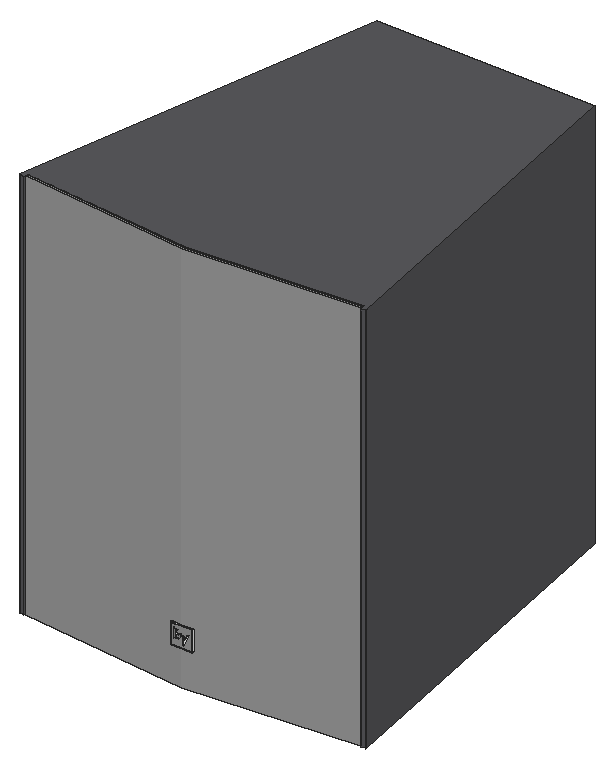
Revit family "EVF-2151D", category Communication Devices, Revit 2017 (continued)
Definition of nested family "InputPanelV"
  Lines and regions (mm)
    model lines
      curve 770: line (19.383, -4.337, 85.253) -> (19.187, -4.337, 84.443)
      curve 771: line (19.187, -4.337, 84.443) -> (19.384, -4.337, 83.634)
      curve 772: line (19.384, -4.337, 83.634) -> (19.943, -4.337, 82.948)
      curve 773: line (19.943, -4.337, 82.948) -> (20.774, -4.337, 82.493)
      curve 774: line (20.781, -4.337, 82.489) -> (21.769, -4.337, 82.205)
      curve 775: line (21.769, -4.337, 82.205) -> (21.769, -4.337, 81.513)
      curve 776: line (21.769, -4.337, 81.513) -> (21.77, -4.337, 79.396)
      curve 777: line (21.77, -4.337, 79.396) -> (15.545, -4.337, 79.397)
      curve 778: line (2.85, -4.337, 82.326) -> (3.839, -4.337, 82.487)
      curve 779: line (3.839, -4.337, 82.487) -> (4.676, -4.337, 82.946)
      curve 780: line (4.676, -4.337, 82.946) -> (5.236, -4.337, 83.632)
      curve 781: line (5.236, -4.337, 83.632) -> (5.432, -4.337, 84.441)
      curve 782: line (5.432, -4.337, 84.441) -> (5.236, -4.337, 85.251)
      curve 783: line (5.236, -4.337, 85.251) -> (4.676, -4.337, 85.937)
      curve 784: line (4.676, -4.337, 85.937) -> (3.838, -4.337, 86.395)
      curve 785: line (3.838, -4.337, 86.395) -> (2.85, -4.337, 86.556)
      curve 786: line (2.85, -4.337, 86.556) -> (1.862, -4.337, 86.395)
      curve 787: line (1.862, -4.337, 86.395) -> (1.024, -4.337, 85.937)
      curve 788: line (1.024, -4.337, 85.937) -> (0.465, -4.337, 85.25)
      curve 789: line (0.465, -4.337, 85.25) -> (0.268, -4.337, 84.441)
      curve 790: line (0.268, -4.337, 84.441) -> (0.465, -4.337, 83.631)
      curve 791: line (0.465, -4.337, 83.631) -> (1.025, -4.337, 82.945)
      curve 792: line (1.025, -4.337, 82.945) -> (1.855, -4.337, 82.491)
      curve 793: line (1.862, -4.337, 82.487) -> (2.85, -4.337, 82.203)
      curve 794: line (2.85, -4.337, 82.203) -> (2.851, -4.337, 81.512)
      curve 795: line (2.851, -4.337, 81.512) -> (2.851, -4.337, 79.394)
      curve 796: line (2.851, -4.337, 79.394) -> (-0.302, -4.337, 79.395)
      curve 797: line (-0.302, -4.337, 79.395) -> (-0.303, -4.337, 80.818)
      curve 798: line (-0.303, -4.337, 80.818) -> (-0.43, -4.337, 77.706)
      curve 799: line (-0.43, -4.337, 77.706) -> (-0.607, -4.337, 77.584)
      curve 800: line (-0.607, -4.337, 77.584) -> (-0.607, -4.337, 80.716)
      curve 801: line (-0.607, -4.337, 80.716) -> (-0.43, -4.337, 80.839)
      curve 802: line (15.463, -4.337, 82.328) -> (16.451, -4.337, 82.489)
      curve 803: line (16.451, -4.337, 82.489) -> (17.289, -4.337, 82.947)
      curve 804: line (17.289, -4.337, 82.947) -> (17.848, -4.337, 83.634)
      curve 805: line (17.848, -4.337, 83.634) -> (18.045, -4.337, 84.443)
      curve 806: line (18.045, -4.337, 84.443) -> (17.848, -4.337, 85.252)
      curve 807: line (17.848, -4.337, 85.252) -> (17.288, -4.337, 85.939)
      curve 808: line (17.288, -4.337, 85.939) -> (16.451, -4.337, 86.397)
      curve 809: line (16.451, -4.337, 86.397) -> (15.463, -4.337, 86.558)
      curve 810: line (15.463, -4.337, 86.558) -> (14.474, -4.337, 86.397)
      curve 811: line (14.474, -4.337, 86.397) -> (13.637, -4.337, 85.938)
      curve 812: line (13.637, -4.337, 85.938) -> (13.077, -4.337, 85.252)
      curve 813: line (13.077, -4.337, 85.252) -> (12.881, -4.337, 84.442)
      curve 814: line (12.881, -4.337, 84.442) -> (13.077, -4.337, 83.633)
      curve 815: line (13.077, -4.337, 83.633) -> (13.637, -4.337, 82.947)
      curve 816: line (13.637, -4.337, 82.947) -> (14.468, -4.337, 82.492)
      curve 817: line (14.475, -4.337, 82.488) -> (15.463, -4.337, 82.205)
      curve 818: line (15.463, -4.337, 82.205) -> (15.463, -4.337, 81.513)
      curve 819: line (15.463, -4.337, 81.513) -> (15.463, -4.337, 79.396)
      curve 820: line (15.463, -4.337, 79.396) -> (9.268, -4.337, 79.396)
      curve 821: line (24.922, -4.337, 85.257) -> (24.922, -4.337, 85.469)
      curve 822: line (24.922, -4.337, 85.469) -> (24.579, -4.337, 85.469)
      curve 823: line (24.441, -4.337, 85.39) -> (24.315, -4.337, 85.257)
      curve 824: line (24.315, -4.337, 85.257) -> (24.922, -4.337, 85.257)
      curve 825: line (24.922, -4.337, 85.257) -> (24.922, -4.337, 83.63)
      curve 826: line (24.922, -4.337, 83.63) -> (24.315, -4.337, 83.63)
      curve 827: line (18.008, -4.337, 83.63) -> (19.223, -4.337, 83.63)
      curve 828: line (11.703, -4.337, 83.629) -> (12.918, -4.337, 83.629)
      curve 829: line (5.395, -4.337, 83.628) -> (6.61, -4.337, 83.628)
      curve 830: line (-0.303, -4.337, 85.254) -> (-0.303, -4.337, 85.466)
      curve 831: line (-0.303, -4.337, 85.466) -> (0.063, -4.337, 85.466)
      curve 832: line (0.179, -4.337, 85.387) -> (0.305, -4.337, 85.254)
      curve 833: line (0.305, -4.337, 85.254) -> (-0.303, -4.337, 85.254)
      curve 834: line (-0.303, -4.337, 85.254) -> (-0.303, -4.337, 83.627)
      curve 835: line (-0.303, -4.337, 83.627) -> (0.305, -4.337, 83.627)
      curve 836: line (5.659, -4.337, 85.467) -> (6.337, -4.337, 85.464)
      curve 837: line (6.484, -4.337, 85.388) -> (6.61, -4.337, 85.255)
      curve 838: line (6.61, -4.337, 85.255) -> (5.395, -4.337, 85.255)
      curve 839: line (5.395, -4.337, 85.255) -> (5.521, -4.337, 85.388)
      curve 840: line (11.703, -4.337, 85.256) -> (12.917, -4.337, 85.256)
      curve 841: line (12.917, -4.337, 85.256) -> (12.791, -4.337, 85.389)
      curve 842: line (12.676, -4.337, 85.468) -> (11.966, -4.337, 85.468)
      curve 843: line (11.829, -4.337, 85.389) -> (11.703, -4.337, 85.256)
      curve 844: line (18.272, -4.337, 85.468) -> (18.95, -4.337, 85.465)
      curve 845: line (19.097, -4.337, 85.39) -> (19.223, -4.337, 85.257)
      curve 846: line (19.223, -4.337, 85.257) -> (18.008, -4.337, 85.257)
      curve 847: line (18.008, -4.337, 85.257) -> (18.134, -4.337, 85.39)
      curve 848: line (12.599, -4.337, 80.82) -> (12.599, -4.337, 82.937)
      curve 849: line (12.599, -4.337, 82.937) -> (12.022, -4.337, 82.937)
      curve 850: line (12.022, -4.337, 82.937) -> (12.022, -4.337, 80.82)
      curve 851: line (12.022, -4.337, 80.82) -> (12.599, -4.337, 80.82)
      curve 852: line (6.291, -4.337, 80.819) -> (5.715, -4.337, 80.819)
      curve 853: line (5.715, -4.337, 80.819) -> (5.715, -4.337, 82.936)
      curve 854: line (5.715, -4.337, 82.936) -> (6.291, -4.337, 82.936)
      curve 855: line (6.291, -4.337, 82.936) -> (6.291, -4.337, 80.819)
      curve 856: line (18.904, -4.337, 80.821) -> (18.328, -4.337, 80.821)
      curve 857: line (18.328, -4.337, 80.821) -> (18.327, -4.337, 82.938)
      curve 858: line (18.327, -4.337, 82.938) -> (18.904, -4.337, 82.938)
      curve 859: line (18.904, -4.337, 82.938) -> (18.904, -4.337, 80.821)
      curve 860: line (-0.303, -4.337, 82.936) -> (-0.303, -4.337, 80.818)
      curve 861: line (-0.303, -4.337, 80.818) -> (-0.014, -4.337, 80.818)
      curve 862: line (-0.014, -4.337, 80.818) -> (-0.014, -4.337, 82.936)
      curve 863: line (-0.014, -4.337, 82.936) -> (-0.303, -4.337, 82.936)
      curve 864: line (-0.303, -4.337, 82.936) -> (-0.303, -4.337, 83.627)
      curve 865: line (24.922, -4.337, 83.63) -> (24.922, -4.337, 82.939)
      curve 866: line (24.922, -4.337, 82.939) -> (24.635, -4.337, 82.939)
      curve 867: line (24.635, -4.337, 82.939) -> (24.635, -4.337, 80.821)
      curve 868: line (24.635, -4.337, 80.821) -> (24.923, -4.337, 80.821)
      curve 869: line (24.923, -4.337, 80.821) -> (24.922, -4.337, 82.939)
      curve 870: line (2.646, -4.337, 82.333) -> (4.834, -4.337, 84.126)
      curve 871: line (4.834, -4.337, 84.126) -> (5.167, -4.337, 83.635)
      curve 872: line (8.952, -4.337, 82.333) -> (11.141, -4.337, 84.127)
      curve 873: line (11.141, -4.337, 84.127) -> (11.473, -4.337, 83.636)
      curve 874: line (2.391, -4.337, 82.36) -> (4.343, -4.337, 83.959)
      curve 875: line (4.343, -4.337, 83.959) -> (4.343, -4.337, 84.529)
      curve 876: line (4.343, -4.337, 84.529) -> (1.855, -4.337, 82.491)
      curve 877: line (8.697, -4.337, 82.36) -> (10.649, -4.337, 83.96)
      curve 878: line (10.649, -4.337, 83.96) -> (10.649, -4.337, 84.529)
      curve 879: line (10.649, -4.337, 84.529) -> (8.162, -4.337, 82.491)
      curve 880: line (15.004, -4.337, 82.361) -> (16.955, -4.337, 83.961)
      curve 881: line (16.955, -4.337, 83.961) -> (16.955, -4.337, 84.53)
      curve 882: line (16.955, -4.337, 84.53) -> (14.468, -4.337, 82.492)
      curve 883: line (15.258, -4.337, 82.334) -> (17.447, -4.337, 84.128)
      curve 884: line (17.447, -4.337, 84.128) -> (17.779, -4.337, 83.637)
      curve 885: line (21.565, -4.337, 82.335) -> (23.753, -4.337, 84.128)
      curve 886: line (23.753, -4.337, 84.128) -> (24.086, -4.337, 83.637)
      curve 887: line (21.31, -4.337, 82.362) -> (23.262, -4.337, 83.961)
      curve 888: line (23.262, -4.337, 83.961) -> (23.262, -4.337, 84.531)
      curve 889: line (23.262, -4.337, 84.531) -> (20.774, -4.337, 82.493)
      curve 890: line (21.88, -4.337, 79.397) -> (24.923, -4.337, 79.398)
      curve 891: line (24.923, -4.337, 79.398) -> (24.924, -4.337, 73.974)
      curve 892: line (24.924, -4.337, 73.974) -> (-0.302, -4.337, 73.971)
      curve 893: line (-0.302, -4.337, 73.971) -> (-0.302, -4.337, 79.395)
      curve 894: line (24.923, -4.337, 80.821) -> (24.923, -4.337, 79.398)
      curve 895: line (24.924, -4.337, 73.974) -> (24.924, -4.337, 73.648)
      curve 896: line (24.924, -4.337, 73.648) -> (-0.302, -4.337, 73.645)
      curve 897: line (-0.302, -4.337, 73.645) -> (-0.302, -4.337, 73.971)
      curve 898: line (-0.302, -4.337, 73.971) -> (-0.429, -4.337, 73.842)
      curve 899: line (-0.429, -4.337, 73.842) -> (-0.607, -4.337, 73.72)
      curve 900: line (6.303, -4.337, 73.19) -> (11.814, -4.337, 73.191)
      curve 901: line (11.814, -4.337, 73.191) -> (11.815, -4.337, 68.976)
      curve 902: line (11.815, -4.337, 68.976) -> (6.303, -4.337, 68.975)
      curve 903: line (6.303, -4.337, 68.975) -> (6.303, -4.337, 73.19)
      curve 904: line (5.707, -4.337, 68.975) -> (0.195, -4.337, 68.974)
      curve 905: line (0.195, -4.337, 68.974) -> (0.195, -4.337, 73.19)
      curve 906: line (0.195, -4.337, 73.19) -> (5.707, -4.337, 73.19)
      curve 907: line (5.707, -4.337, 73.19) -> (5.707, -4.337, 68.975)
      curve 908: line (-0.302, -4.337, 73.645) -> (-0.301, -4.337, 68.519)
      curve 909: line (-0.301, -4.337, 68.519) -> (24.924, -4.337, 68.522)
      curve 910: line (24.924, -4.337, 68.522) -> (24.924, -4.337, 73.648)
      curve 911: line (18.915, -4.337, 73.192) -> (24.427, -4.337, 73.193)
      curve 912: line (24.427, -4.337, 73.193) -> (24.428, -4.337, 68.977)
      curve 913: line (24.428, -4.337, 68.977) -> (18.916, -4.337, 68.977)
      curve 914: line (18.916, -4.337, 68.977) -> (18.915, -4.337, 73.192)
      curve 915: line (18.32, -4.337, 68.977) -> (12.808, -4.337, 68.976)
      curve 916: line (12.808, -4.337, 68.976) -> (12.808, -4.337, 73.191)
      curve 917: line (12.808, -4.337, 73.191) -> (18.319, -4.337, 73.192)
      curve 918: line (18.319, -4.337, 73.192) -> (18.32, -4.337, 68.977)
      curve 919: line (20.082, -4.337, 73.192) -> (20.082, -4.337, 71.784)
      curve 920: line (20.082, -4.337, 71.784) -> (19.394, -4.337, 71.458)
      curve 921: line (19.394, -4.337, 71.458) -> (18.916, -4.337, 71.073)
      curve 922: line (7.47, -4.337, 73.19) -> (7.47, -4.337, 71.782)
      curve 923: line (7.47, -4.337, 71.782) -> (6.782, -4.337, 71.456)
      curve 924: line (6.782, -4.337, 71.456) -> (6.303, -4.337, 71.071)
      curve 925: line (17.152, -4.337, 73.192) -> (17.153, -4.337, 71.783)
      curve 926: line (17.153, -4.337, 71.783) -> (17.841, -4.337, 71.458)
      curve 927: line (17.841, -4.337, 71.458) -> (18.32, -4.337, 71.073)
      curve 928: line (4.54, -4.337, 73.19) -> (4.54, -4.337, 71.782)
      curve 929: line (4.54, -4.337, 71.782) -> (5.228, -4.337, 71.456)
      curve 930: line (5.228, -4.337, 71.456) -> (5.707, -4.337, 71.071)
      curve 931: line (1.163, -4.337, 73.19) -> (1.163, -4.337, 71.781)
      curve 932: line (1.163, -4.337, 71.781) -> (0.475, -4.337, 71.456)
      curve 933: line (0.475, -4.337, 71.456) -> (0.195, -4.337, 71.23)
      curve 934: line (13.776, -4.337, 73.191) -> (13.776, -4.337, 71.783)
      curve 935: line (13.776, -4.337, 71.783) -> (13.088, -4.337, 71.457)
      curve 936: line (13.088, -4.337, 71.457) -> (12.808, -4.337, 71.232)
      curve 937: line (10.846, -4.337, 73.191) -> (10.846, -4.337, 71.782)
      curve 938: line (10.846, -4.337, 71.782) -> (11.534, -4.337, 71.457)
      curve 939: line (11.815, -4.337, 71.232) -> (11.534, -4.337, 71.457)
      curve 940: line (11.534, -4.337, 71.457) -> (6.782, -4.337, 71.456)
      curve 941: line (23.459, -4.337, 73.192) -> (23.459, -4.337, 71.784)
      curve 942: line (23.459, -4.337, 71.784) -> (24.147, -4.337, 71.459)
      curve 943: line (24.147, -4.337, 71.459) -> (19.394, -4.337, 71.458)
      curve 944: line (24.427, -4.337, 71.233) -> (24.147, -4.337, 71.459)
      curve 945: line (4.54, -4.337, 71.782) -> (1.163, -4.337, 71.781)
      curve 946: line (17.153, -4.337, 71.783) -> (13.776, -4.337, 71.783)
      curve 947: line (7.47, -4.337, 71.782) -> (10.846, -4.337, 71.782)
      curve 948: line (20.082, -4.337, 71.784) -> (23.459, -4.337, 71.784)
      curve 949: line (-0.868, -4.337, 73.72) -> (-0.867, -4.337, 70.587)
      curve 950: line (-0.867, -4.337, 70.587) -> (-0.606, -4.337, 70.587)
      curve 951: line (-0.606, -4.337, 70.587) -> (-0.607, -4.337, 73.72)
      curve 952: line (-0.607, -4.337, 73.72) -> (-0.868, -4.337, 73.72)
      curve 953: line (-0.868, -4.337, 73.72) -> (-0.868, -4.337, 74.301)
      curve 954: line (-0.868, -4.337, 74.301) -> (-0.607, -4.337, 74.301)
      curve 955: line (-0.607, -4.337, 74.301) -> (-0.302, -4.337, 74.179)
      curve 956: line (-0.429, -4.337, 73.842) -> (-0.429, -4.337, 70.709)
      curve 957: line (-0.429, -4.337, 70.709) -> (-0.606, -4.337, 70.587)
      curve 958: line (5.707, -4.337, 70.073) -> (0.195, -4.337, 70.073)
      curve 959: line (18.32, -4.337, 70.075) -> (12.808, -4.337, 70.074)
      curve 960: line (11.815, -4.337, 70.074) -> (6.303, -4.337, 70.073)
      curve 961: line (24.427, -4.337, 70.076) -> (18.916, -4.337, 70.075)
      curve 962: line (5.228, -4.337, 71.456) -> (0.475, -4.337, 71.456)
      curve 963: line (17.841, -4.337, 71.458) -> (13.088, -4.337, 71.457)
      curve 964: line (-0.607, -4.337, 80.716) -> (-0.869, -4.337, 80.716)
      curve 965: line (-0.869, -4.337, 80.716) -> (-0.869, -4.337, 81.297)
      curve 966: line (-0.869, -4.337, 81.297) -> (-0.608, -4.337, 81.297)
      curve 967: line (-0.608, -4.337, 81.297) -> (-0.43, -4.337, 81.175)
      curve 968: line (-0.869, -4.337, 80.716) -> (-0.868, -4.337, 77.583)
      curve 969: line (-0.868, -4.337, 77.583) -> (-0.607, -4.337, 77.584)
      curve 970: line (15.462, -4.337, 91.808) -> (14.474, -4.337, 91.647)
      curve 971: line (14.474, -4.337, 91.647) -> (13.636, -4.337, 91.189)
      curve 972: line (13.636, -4.337, 91.189) -> (13.076, -4.337, 90.502)
      curve 973: line (13.076, -4.337, 90.502) -> (12.88, -4.337, 89.693)
      curve 974: line (12.88, -4.337, 89.693) -> (13.077, -4.337, 88.883)
      curve 975: line (13.077, -4.337, 88.883) -> (13.637, -4.337, 88.197)
      curve 976: line (13.637, -4.337, 88.197) -> (14.474, -4.337, 87.739)
      curve 977: line (14.474, -4.337, 87.739) -> (15.462, -4.337, 87.578)
      curve 978: line (15.462, -4.337, 87.578) -> (16.451, -4.337, 87.739)
      curve 979: line (16.451, -4.337, 87.739) -> (17.288, -4.337, 88.198)
      curve 980: line (17.288, -4.337, 88.198) -> (17.848, -4.337, 88.884)
      curve 981: line (17.848, -4.337, 88.884) -> (18.044, -4.337, 89.694)
      curve 982: line (18.044, -4.337, 89.694) -> (17.848, -4.337, 90.503)
      curve 983: line (17.848, -4.337, 90.503) -> (17.288, -4.337, 91.189)
      curve 984: line (17.288, -4.337, 91.189) -> (16.457, -4.337, 91.644)
      curve 985: line (16.45, -4.337, 91.647) -> (15.462, -4.337, 91.932)
      curve 986: line (15.462, -4.337, 91.932) -> (15.462, -4.337, 92.623)
      curve 987: line (15.462, -4.337, 92.623) -> (15.462, -4.337, 94.741)
      curve 988: line (15.462, -4.337, 94.741) -> (21.686, -4.337, 94.74)
      curve 989: line (2.849, -4.337, 91.807) -> (1.861, -4.337, 91.646)
      curve 990: line (1.861, -4.337, 91.646) -> (1.024, -4.337, 91.187)
      curve 991: line (1.024, -4.337, 91.187) -> (0.464, -4.337, 90.501)
      curve 992: line (0.464, -4.337, 90.501) -> (0.267, -4.337, 89.691)
      curve 993: line (0.267, -4.337, 89.691) -> (0.464, -4.337, 88.882)
      curve 994: line (0.464, -4.337, 88.882) -> (1.024, -4.337, 88.196)
      curve 995: line (1.024, -4.337, 88.196) -> (1.862, -4.337, 87.737)
      curve 996: line (1.862, -4.337, 87.737) -> (2.85, -4.337, 87.577)
      curve 997: line (2.85, -4.337, 87.577) -> (3.838, -4.337, 87.738)
      curve 998: line (3.838, -4.337, 87.738) -> (4.676, -4.337, 88.196)
      curve 999: line (4.676, -4.337, 88.196) -> (5.235, -4.337, 88.883)
      curve 1000: line (5.235, -4.337, 88.883) -> (5.432, -4.337, 89.692)
      curve 1001: line (5.432, -4.337, 89.692) -> (5.235, -4.337, 90.501)
      curve 1002: line (5.235, -4.337, 90.501) -> (4.675, -4.337, 91.188)
      curve 1003: line (4.675, -4.337, 91.188) -> (3.844, -4.337, 91.642)
      curve 1004: line (3.837, -4.337, 91.646) -> (2.849, -4.337, 91.93)
      curve 1005: line (2.849, -4.337, 91.93) -> (2.849, -4.337, 92.622)
      curve 1006: line (2.849, -4.337, 92.622) -> (2.849, -4.337, 94.74)
      curve 1007: line (2.849, -4.337, 94.74) -> (9.074, -4.337, 94.739)
      curve 1008: line (21.768, -4.337, 91.809) -> (20.78, -4.337, 91.648)
      curve 1009: line (20.78, -4.337, 91.648) -> (19.942, -4.337, 91.189)
      curve 1010: line (19.942, -4.337, 91.189) -> (19.383, -4.337, 90.503)
      curve 1011: line (19.383, -4.337, 90.503) -> (19.186, -4.337, 89.694)
      curve 1012: line (19.186, -4.337, 89.694) -> (19.383, -4.337, 88.884)
      curve 1013: line (19.383, -4.337, 88.884) -> (19.943, -4.337, 88.198)
      curve 1014: line (19.943, -4.337, 88.198) -> (20.781, -4.337, 87.74)
      curve 1015: line (20.781, -4.337, 87.74) -> (21.769, -4.337, 87.579)
      curve 1016: line (21.769, -4.337, 87.579) -> (22.757, -4.337, 87.74)
      curve 1017: line (22.757, -4.337, 87.74) -> (23.594, -4.337, 88.199)
      curve 1018: line (23.594, -4.337, 88.199) -> (24.154, -4.337, 88.885)
      curve 1019: line (24.154, -4.337, 88.885) -> (24.351, -4.337, 89.694)
      curve 1020: line (24.351, -4.337, 89.694) -> (24.154, -4.337, 90.504)
      curve 1021: line (24.154, -4.337, 90.504) -> (23.594, -4.337, 91.19)
      curve 1022: line (23.594, -4.337, 91.19) -> (22.763, -4.337, 91.644)
      curve 1023: line (22.756, -4.337, 91.648) -> (21.768, -4.337, 91.932)
      curve 1024: line (21.768, -4.337, 91.932) -> (21.768, -4.337, 92.624)
      curve 1025: line (21.768, -4.337, 92.624) -> (21.768, -4.337, 94.741)
      curve 1026: line (21.768, -4.337, 94.741) -> (24.921, -4.337, 94.741)
      curve 1027: line (9.156, -4.337, 91.808) -> (8.167, -4.337, 91.646)
      curve 1028: line (8.167, -4.337, 91.646) -> (7.33, -4.337, 91.188)
      curve 1029: line (7.33, -4.337, 91.188) -> (6.77, -4.337, 90.502)
      curve 1030: line (6.77, -4.337, 90.502) -> (6.574, -4.337, 89.692)
      curve 1031: line (6.574, -4.337, 89.692) -> (6.77, -4.337, 88.883)
      curve 1032: line (6.77, -4.337, 88.883) -> (7.33, -4.337, 88.197)
      curve 1033: line (7.33, -4.337, 88.197) -> (8.168, -4.337, 87.738)
      curve 1034: line (8.168, -4.337, 87.738) -> (9.156, -4.337, 87.577)
      curve 1035: line (9.156, -4.337, 87.577) -> (10.144, -4.337, 87.738)
      curve 1036: line (10.144, -4.337, 87.738) -> (10.982, -4.337, 88.197)
      curve 1037: line (10.982, -4.337, 88.197) -> (11.542, -4.337, 88.883)
      curve 1038: line (11.542, -4.337, 88.883) -> (11.738, -4.337, 89.693)
      curve 1039: line (11.738, -4.337, 89.693) -> (11.541, -4.337, 90.502)
      curve 1040: line (11.541, -4.337, 90.502) -> (10.981, -4.337, 91.188)
      curve 1041: line (10.981, -4.337, 91.188) -> (10.151, -4.337, 91.643)
      curve 1042: line (10.144, -4.337, 91.647) -> (9.156, -4.337, 91.93)
      curve 1043: line (9.156, -4.337, 91.93) -> (9.155, -4.337, 92.622)
      curve 1044: line (9.155, -4.337, 92.622) -> (9.155, -4.337, 94.74)
      curve 1045: line (9.155, -4.337, 94.74) -> (15.351, -4.337, 94.739)
      curve 1046: line (-0.304, -4.337, 88.878) -> (-0.303, -4.337, 88.666)
      curve 1047: line (-0.303, -4.337, 88.666) -> (0.04, -4.337, 88.666)
      curve 1048: line (0.177, -4.337, 88.745) -> (0.303, -4.337, 88.878)
      curve 1049: line (0.303, -4.337, 88.878) -> (-0.304, -4.337, 88.878)
      curve 1050: line (-0.304, -4.337, 88.878) -> (-0.304, -4.337, 90.505)
      curve 1051: line (-0.304, -4.337, 90.505) -> (0.303, -4.337, 90.505)
      curve 1052: line (6.611, -4.337, 90.506) -> (5.396, -4.337, 90.505)
      curve 1053: line (12.916, -4.337, 90.506) -> (11.701, -4.337, 90.506)
      curve 1054: line (19.223, -4.337, 90.507) -> (18.008, -4.337, 90.507)
      curve 1055: line (24.922, -4.337, 88.881) -> (24.922, -4.337, 88.669)
      curve 1056: line (24.922, -4.337, 88.669) -> (24.556, -4.337, 88.669)
      curve 1057: line (24.44, -4.337, 88.748) -> (24.314, -4.337, 88.881)
      curve 1058: line (24.314, -4.337, 88.881) -> (24.922, -4.337, 88.881)
      curve 1059: line (24.922, -4.337, 88.881) -> (24.922, -4.337, 90.508)
      curve 1060: line (24.922, -4.337, 90.508) -> (24.314, -4.337, 90.508)
      curve 1061: line (18.96, -4.337, 88.668) -> (18.281, -4.337, 88.672)
      curve 1062: line (18.135, -4.337, 88.747) -> (18.008, -4.337, 88.88)
      curve 1063: line (18.008, -4.337, 88.88) -> (19.223, -4.337, 88.88)
      curve 1064: line (19.223, -4.337, 88.88) -> (19.097, -4.337, 88.747)
      curve 1065: line (12.916, -4.337, 88.879) -> (11.701, -4.337, 88.879)
      curve 1066: line (11.701, -4.337, 88.879) -> (11.827, -4.337, 88.746)
      curve 1067: line (11.943, -4.337, 88.668) -> (12.652, -4.337, 88.668)
      curve 1068: line (12.79, -4.337, 88.746) -> (12.916, -4.337, 88.879)
      curve 1069: line (6.347, -4.337, 88.667) -> (5.669, -4.337, 88.67)
      curve 1070: line (5.522, -4.337, 88.745) -> (5.396, -4.337, 88.878)
      curve 1071: line (5.396, -4.337, 88.878) -> (6.611, -4.337, 88.879)
      curve 1072: line (6.611, -4.337, 88.879) -> (6.485, -4.337, 88.745)
      curve 1073: line (12.02, -4.337, 93.315) -> (12.02, -4.337, 91.198)
      curve 1074: line (12.02, -4.337, 91.198) -> (12.597, -4.337, 91.198)
      curve 1075: line (12.597, -4.337, 91.198) -> (12.596, -4.337, 93.315)
      curve 1076: line (12.596, -4.337, 93.315) -> (12.02, -4.337, 93.315)
      curve 1077: line (18.327, -4.337, 93.316) -> (18.904, -4.337, 93.316)
      curve 1078: line (18.904, -4.337, 93.316) -> (18.904, -4.337, 91.199)
      curve 1079: line (18.904, -4.337, 91.199) -> (18.327, -4.337, 91.199)
      curve 1080: line (18.327, -4.337, 91.199) -> (18.327, -4.337, 93.316)
      curve 1081: line (5.715, -4.337, 93.315) -> (6.291, -4.337, 93.315)
      curve 1082: line (6.291, -4.337, 93.315) -> (6.291, -4.337, 91.197)
      curve 1083: line (6.291, -4.337, 91.197) -> (5.715, -4.337, 91.197)
      curve 1084: line (5.715, -4.337, 91.197) -> (5.715, -4.337, 93.315)
      curve 1085: line (24.921, -4.337, 91.199) -> (24.921, -4.337, 93.317)
      curve 1086: line (24.921, -4.337, 93.317) -> (24.632, -4.337, 93.317)
      curve 1087: line (24.632, -4.337, 93.317) -> (24.633, -4.337, 91.199)
      curve 1088: line (24.633, -4.337, 91.199) -> (24.921, -4.337, 91.199)
      curve 1089: line (24.921, -4.337, 91.199) -> (24.922, -4.337, 90.508)
      curve 1090: line (-0.304, -4.337, 90.505) -> (-0.304, -4.337, 91.196)
      curve 1091: line (-0.304, -4.337, 91.196) -> (-0.016, -4.337, 91.196)
      curve 1092: line (-0.016, -4.337, 91.196) -> (-0.016, -4.337, 93.314)
      curve 1093: line (-0.016, -4.337, 93.314) -> (-0.304, -4.337, 93.314)
      curve 1094: line (-0.304, -4.337, 93.314) -> (-0.304, -4.337, 91.196)
      curve 1095: line (15.667, -4.337, 91.802) -> (13.478, -4.337, 90.008)
      curve 1096: line (13.478, -4.337, 90.008) -> (13.145, -4.337, 90.499)
      curve 1097: line (21.973, -4.337, 91.802) -> (19.784, -4.337, 90.009)
      curve 1098: line (19.784, -4.337, 90.009) -> (19.452, -4.337, 90.5)
      curve 1099: line (15.921, -4.337, 91.775) -> (13.97, -4.337, 90.175)
      curve 1100: line (13.97, -4.337, 90.175) -> (13.97, -4.337, 89.606)
      curve 1101: line (13.97, -4.337, 89.606) -> (16.457, -4.337, 91.644)
      curve 1102: line (22.228, -4.337, 91.775) -> (20.276, -4.337, 90.176)
      curve 1103: line (20.276, -4.337, 90.176) -> (20.276, -4.337, 89.607)
      curve 1104: line (20.276, -4.337, 89.607) -> (22.763, -4.337, 91.644)
      curve 1105: line (9.36, -4.337, 91.801) -> (7.172, -4.337, 90.008)
      curve 1106: line (7.172, -4.337, 90.008) -> (6.839, -4.337, 90.499)
      curve 1107: line (3.054, -4.337, 91.8) -> (0.865, -4.337, 90.007)
      curve 1108: line (0.865, -4.337, 90.007) -> (0.533, -4.337, 90.498)
      curve 1109: line (3.309, -4.337, 91.773) -> (1.357, -4.337, 90.174)
      curve 1110: line (1.357, -4.337, 90.174) -> (1.357, -4.337, 89.604)
      curve 1111: line (1.357, -4.337, 89.604) -> (3.844, -4.337, 91.642)
      curve 1112: line (9.615, -4.337, 91.774) -> (7.663, -4.337, 90.175)
      curve 1113: line (7.663, -4.337, 90.175) -> (7.663, -4.337, 89.605)
      curve 1114: line (7.663, -4.337, 89.605) -> (10.151, -4.337, 91.643)
      curve 1115: line (2.738, -4.337, 94.738) -> (-0.304, -4.337, 94.737)
      curve 1116: line (-0.304, -4.337, 94.737) -> (-0.305, -4.337, 100.161)
      curve 1117: line (-0.305, -4.337, 100.161) -> (24.92, -4.337, 100.165)
      curve 1118: line (24.92, -4.337, 100.165) -> (24.921, -4.337, 94.741)
      curve 1119: line (24.921, -4.337, 94.741) -> (24.921, -4.337, 93.317)
      curve 1120: line (24.921, -4.337, 93.317) -> (25.049, -4.337, 96.43)
      curve 1121: line (25.049, -4.337, 96.43) -> (25.226, -4.337, 96.552)
      curve 1122: line (-0.304, -4.337, 93.314) -> (-0.304, -4.337, 94.737)
      curve 1123: line (18.316, -4.337, 100.945) -> (12.804, -4.337, 100.944)
      curve 1124: line (12.804, -4.337, 100.944) -> (12.804, -4.337, 105.159)
      curve 1125: line (12.804, -4.337, 105.159) -> (18.315, -4.337, 105.16)
      curve 1126: line (18.315, -4.337, 105.16) -> (18.316, -4.337, 100.945)
      curve 1127: line (18.911, -4.337, 105.16) -> (24.423, -4.337, 105.161)
      curve 1128: line (24.423, -4.337, 105.161) -> (24.424, -4.337, 100.946)
      curve 1129: line (24.424, -4.337, 100.946) -> (18.912, -4.337, 100.945)
      curve 1130: line (18.912, -4.337, 100.945) -> (18.911, -4.337, 105.16)
      curve 1131: line (-0.305, -4.337, 100.487) -> (24.92, -4.337, 100.49)
      curve 1132: line (24.92, -4.337, 100.49) -> (24.92, -4.337, 105.617)
      curve 1133: line (24.92, -4.337, 105.617) -> (-0.306, -4.337, 105.614)
      curve 1134: line (-0.306, -4.337, 105.614) -> (-0.305, -4.337, 100.487)
      curve 1135: line (-0.305, -4.337, 100.487) -> (-0.305, -4.337, 100.161)
      curve 1136: line (5.703, -4.337, 100.943) -> (0.192, -4.337, 100.943)
      curve 1137: line (0.192, -4.337, 100.943) -> (0.191, -4.337, 105.158)
      curve 1138: line (0.191, -4.337, 105.158) -> (5.703, -4.337, 105.159)
      curve 1139: line (5.703, -4.337, 105.159) -> (5.703, -4.337, 100.943)
      curve 1140: line (6.299, -4.337, 105.159) -> (11.811, -4.337, 105.159)
      curve 1141: line (11.811, -4.337, 105.159) -> (11.811, -4.337, 100.944)
      curve 1142: line (11.811, -4.337, 100.944) -> (6.299, -4.337, 100.943)
      curve 1143: line (6.299, -4.337, 100.943) -> (6.299, -4.337, 105.159)
      curve 1144: line (24.92, -4.337, 100.49) -> (24.92, -4.337, 100.165)
      curve 1145: line (24.92, -4.337, 100.165) -> (25.048, -4.337, 103.426)
      curve 1146: line (25.048, -4.337, 103.426) -> (25.225, -4.337, 103.548)
      curve 1147: line (25.225, -4.337, 103.548) -> (25.225, -4.337, 100.415)
      curve 1148: line (25.225, -4.337, 100.415) -> (25.048, -4.337, 100.293)
      curve 1149: line (17.149, -4.337, 100.945) -> (17.149, -4.337, 102.353)
      curve 1150: line (17.149, -4.337, 102.353) -> (17.837, -4.337, 102.679)
      curve 1151: line (17.837, -4.337, 102.679) -> (18.316, -4.337, 103.064)
      curve 1152: line (4.536, -4.337, 100.943) -> (4.536, -4.337, 102.352)
      curve 1153: line (4.536, -4.337, 102.352) -> (5.224, -4.337, 102.677)
      curve 1154: line (5.224, -4.337, 102.677) -> (5.703, -4.337, 103.062)
      curve 1155: line (7.466, -4.337, 100.944) -> (7.466, -4.337, 102.352)
      curve 1156: line (7.466, -4.337, 102.352) -> (6.778, -4.337, 102.677)
      curve 1157: line (6.778, -4.337, 102.677) -> (6.299, -4.337, 103.062)
      curve 1158: line (20.079, -4.337, 100.945) -> (20.079, -4.337, 102.354)
      curve 1159: line (20.079, -4.337, 102.354) -> (19.391, -4.337, 102.679)
      curve 1160: line (19.391, -4.337, 102.679) -> (18.912, -4.337, 103.064)
      curve 1161: line (10.843, -4.337, 100.944) -> (10.843, -4.337, 102.352)
      curve 1162: line (10.843, -4.337, 102.352) -> (11.531, -4.337, 102.678)
      curve 1163: line (11.531, -4.337, 102.678) -> (11.811, -4.337, 102.903)
      curve 1164: line (23.455, -4.337, 100.945) -> (23.455, -4.337, 102.354)
      curve 1165: line (23.455, -4.337, 102.354) -> (24.143, -4.337, 102.679)
      curve 1166: line (24.143, -4.337, 102.679) -> (24.423, -4.337, 102.905)
      curve 1167: line (13.772, -4.337, 100.944) -> (13.772, -4.337, 102.353)
      curve 1168: line (13.772, -4.337, 102.353) -> (13.084, -4.337, 102.678)
      curve 1169: line (12.804, -4.337, 102.903) -> (13.084, -4.337, 102.678)
      curve 1170: line (13.084, -4.337, 102.678) -> (17.837, -4.337, 102.679)
      curve 1171: line (1.16, -4.337, 100.943) -> (1.16, -4.337, 102.351)
      curve 1172: line (1.16, -4.337, 102.351) -> (0.472, -4.337, 102.677)
      curve 1173: line (0.472, -4.337, 102.677) -> (5.224, -4.337, 102.677)
      curve 1174: line (0.191, -4.337, 102.902) -> (0.472, -4.337, 102.677)
      curve 1175: line (7.466, -4.337, 102.352) -> (10.843, -4.337, 102.352)
      curve 1176: line (20.079, -4.337, 102.354) -> (23.455, -4.337, 102.354)
      curve 1177: line (4.536, -4.337, 102.352) -> (1.16, -4.337, 102.351)
      curve 1178: line (17.149, -4.337, 102.353) -> (13.772, -4.337, 102.353)
      curve 1179: line (25.225, -4.337, 100.415) -> (25.486, -4.337, 100.415)
      curve 1180: line (25.486, -4.337, 100.415) -> (25.486, -4.337, 103.548)
      curve 1181: line (25.486, -4.337, 103.548) -> (25.225, -4.337, 103.548)
      curve 1182: line (25.486, -4.337, 100.415) -> (25.486, -4.337, 99.834)
      curve 1183: line (25.486, -4.337, 99.834) -> (25.225, -4.337, 99.834)
      curve 1184: line (25.225, -4.337, 99.834) -> (25.048, -4.337, 99.956)
      curve 1185: line (18.911, -4.337, 104.062) -> (24.423, -4.337, 104.063)
      curve 1186: line (6.299, -4.337, 104.06) -> (11.811, -4.337, 104.061)
      curve 1187: line (0.191, -4.337, 104.06) -> (5.703, -4.337, 104.06)
      curve 1188: line (12.804, -4.337, 104.061) -> (18.316, -4.337, 104.062)
      curve 1189: line (6.778, -4.337, 102.677) -> (11.531, -4.337, 102.678)
      curve 1190: line (19.391, -4.337, 102.679) -> (24.143, -4.337, 102.679)
      curve 1191: line (25.226, -4.337, 93.419) -> (25.049, -4.337, 93.297)
      curve 1192: line (25.487, -4.337, 93.419) -> (25.226, -4.337, 93.419)
      curve 1193: line (25.226, -4.337, 93.419) -> (25.226, -4.337, 96.552)
      curve 1194: line (25.226, -4.337, 96.552) -> (25.487, -4.337, 96.552)
      curve 1195: line (25.487, -4.337, 96.552) -> (25.487, -4.337, 93.419)
      curve 1196: line (25.487, -4.337, 93.419) -> (25.487, -4.337, 92.838)
      curve 1197: line (25.487, -4.337, 92.838) -> (25.226, -4.337, 92.838)
      curve 1198: line (25.226, -4.337, 92.838) -> (25.049, -4.337, 92.96)
      curve 1199: line (-0.104, -4.337, 67.336) -> (24.727, -4.337, 67.339)
      curve 1200: line (24.672, -4.337, 67.394) -> (-0.049, -4.337, 67.391)
      curve 1201: line (25.736, -4.337, 68.348) -> (25.731, -4.337, 105.791)
      curve 1202: line (25.676, -4.337, 105.736) -> (25.681, -4.337, 68.403)
      curve 1203: line (24.722, -4.337, 106.8) -> (-0.109, -4.337, 106.797)
      curve 1204: line (-0.106, -4.337, 106.797) -> (24.667, -4.337, 106.745)
      curve 1205: line (-1.117, -4.337, 105.788) -> (-1.113, -4.337, 68.344)
      curve 1206: line (-1.058, -4.337, 68.399) -> (-1.062, -4.337, 105.733)
      curve 1207: line (9.156, -4.337, 84.938) -> (9.156, -4.337, 86.557)
      curve 1208: line (9.156, -4.337, 86.557) -> (9.156, -4.337, 86.891)
      curve 1209: line (2.85, -4.337, 84.937) -> (2.85, -4.337, 86.556)
      curve 1210: line (2.85, -4.337, 86.556) -> (2.85, -4.337, 86.889)
      curve 1211: line (15.463, -4.337, 84.938) -> (15.463, -4.337, 86.558)
      curve 1212: line (15.463, -4.337, 86.558) -> (15.462, -4.337, 86.891)
      curve 1213: line (21.769, -4.337, 84.939) -> (21.769, -4.337, 86.559)
      curve 1214: line (21.769, -4.337, 86.559) -> (21.769, -4.337, 86.892)
      curve 1215: line (15.462, -4.337, 89.197) -> (15.462, -4.337, 87.578)
      curve 1216: line (15.462, -4.337, 87.578) -> (15.462, -4.337, 87.244)
      curve 1217: line (21.769, -4.337, 89.198) -> (21.769, -4.337, 87.579)
      curve 1218: line (21.769, -4.337, 87.579) -> (21.769, -4.337, 87.246)
      curve 1219: line (9.156, -4.337, 89.197) -> (9.156, -4.337, 87.577)
      curve 1220: line (9.156, -4.337, 87.577) -> (9.156, -4.337, 87.244)
      curve 1221: line (2.85, -4.337, 89.196) -> (2.85, -4.337, 87.577)
      curve 1222: line (2.85, -4.337, 87.577) -> (2.85, -4.337, 87.243)
Definition of nested family "L-EV"
  Parameters (values of type "L-EV")
    Material = ""
    Default Elevation = 1219.20 mm
  Reference planes
    plane 1 "Center (Front/Back)": y = 0
    plane 2: z = 0
    plane 3 "Center (Left/Right)": x = 0
  Forms (mm)
    Extrusion 1, solid, not visible
      sketch origin (18.736, -0.5, -73.012) x (1, 0, 0) y (0, 0, 1)
        loop
          arc (-38.866, 94.012) -> (-39.481, 93.758) -> (-39.736, 93.143) r 0.869
          line (-39.736, 93.143) -> (-39.736, 52.882)
          arc (-39.736, 52.882) -> (-39.481, 52.267) -> (-38.866, 52.012) r 0.869
          line (-38.866, 52.012) -> (1.395, 52.012)
          arc (1.395, 52.012) -> (2.01, 52.267) -> (2.264, 52.882) r 0.869
          line (2.264, 52.882) -> (2.264, 93.143)
          arc (2.264, 93.143) -> (2.01, 93.758) -> (1.395, 94.012) r 0.869
          line (1.395, 94.012) -> (-38.866, 94.012)
      from 0 to -0.5
    Extrusion 2, solid, detail levels fine
      sketch origin (18.736, 4, -73.24) x (1, 0, 0) y (0, 0, 1)
        loop
          line (-37.736, 92.24) -> (-37.736, 54.24) -> (0.264, 54.24) -> (0.264, 92.24) -> (-37.736, 92.24)
        loop
          line (-33.659, 85.319) -> (-33.659, 66.596) -> (-21.783, 66.596) -> (-21.783, 70.665) -> (-29.2, 70.665) -> (-29.2, 73.924) -> (-21.783, 73.924) -> (-21.783, 77.992) -> (-29.2, 77.992) -> (-29.2, 81.251) -> (-21.783, 81.251) -> (-21.783, 85.319) -> (-33.659, 85.319)
        loop
          line (-20.026, 77.992) -> (-20.026, 73.924) -> (-17.153, 73.924) -> (-17.153, 59.688) -> (-12.74, 59.688) -> (-2.619, 82.277) -> (-7.421, 82.277) -> (-12.694, 70.408) -> (-12.694, 77.992) -> (-20.026, 77.992)
      from 4.5 to 5
    Extrusion 3, solid, detail levels medium+fine
      sketch origin (0, 0, 0) x (1, 0, 0) y (0, 0, 1)
        loop
          line (19.816, 21) -> (-19.816, 21)
          arc (-19.816, 21) -> (-20.653, 20.653) -> (-21, 19.816) r 1.184
          line (-21, 19.816) -> (-21, -19.816)
          arc (-21, -19.816) -> (-20.653, -20.653) -> (-19.816, -21) r 1.184
          line (-19.816, -21) -> (19.816, -21)
          arc (19.816, -21) -> (20.653, -20.653) -> (21, -19.816) r 1.184
          line (21, -19.816) -> (21, 19.816)
          arc (21, 19.816) -> (20.653, 20.653) -> (19.816, 21) r 1.184
      from -1 to 0.5
Types (6, lengths in mm): name | ModelNumber | MaterialRALColour | LoudspeakerMaterial | GrillMaterial | Default Elevation | CTN
  EVF2151DBLB_Black__Dual_15_Subwoofer_System | "F.01U.272.558" | "RAL9004" | 13-plyWeather-resistantBirchEVCoat -RAL9004 | 16GA Powder-coatedGalvanneal - B | 9004.00 | "EVF2151DBLB"
  EVF2151D-FBLB_Black_Fiberglass_Weathzd_Sub | "F.01U.272.935" | "RAL9004" | 13-plyWeather-resistantBirchEVCoat -RAL9004 | 16GA Powder-coatedGalvanneal - B | 0.00 | "EVF2151D-FBLB"
  EVF2151D-FWLB_White_Fiberglass_Weathzd_Sub | "F.01U.272.936" | "RAL9010" | 13-plyWeather-resistantBirchEVCoat -RAL9010 | 16GA Powder-coatedGalvanneal - W | 0.00 | "EVF2151D-FWLB"
  EVF2151DPBLB_Black_Weatherized_2X15_Sub | "F.01U.272.560" | "RAL9004" | 13-plyWeather-resistantBirchEVCoat -RAL9004 | 16GA Powder-coatedGalvanneal - B | 0.00 | "EVF2151DPBLB"
  EVF2151DPWLB_White_Weatherized_2X15_Sub | "F.01U.272.561" | "RAL9010" | 13-plyWeather-resistantBirchEVCoat -RAL9010 | 16GA Powder-coatedGalvanneal - W | 0.00 | "EVF2151DPWLB"
  EVF2151DWLB_White_Dual_15_Subwoofer_System | "F.01U.272.559" | "RAL9010" | 13-plyWeather-resistantBirchEVCoat -RAL9010 | 16GA Powder-coatedGalvanneal - W | 0.00 | "EVF2151DWLB"
